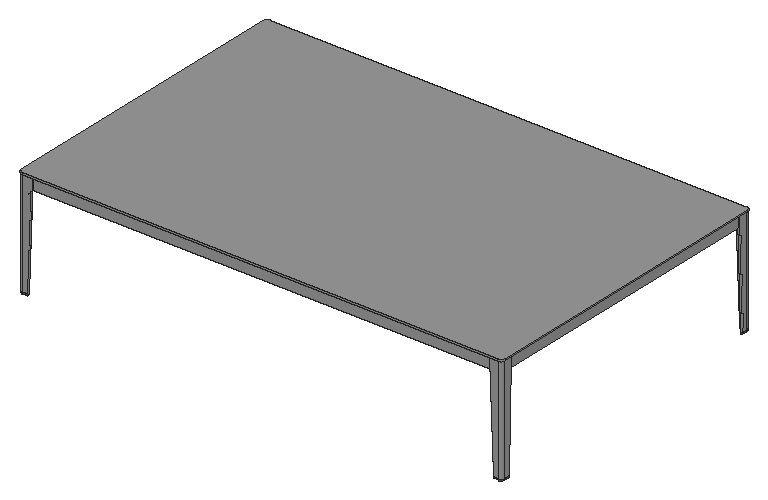
Revit family "Haworth_Cotone_OccasionalTable", category Furniture, Revit 2018
Family settings
  OmniClass Number = 23.40.70.14.64.21
  OmniClass Title = Systems Furniture
  Work Plane-Based = No
  Always vertical = Yes
  Cut with Voids When Loaded = No
  Shared = No
  Room Calculation Point = No
Parameters (values of type "55.1w x 35.4d x 12.4h")
  Width = if(Extra Small, 25.60", if(Small, 35.40", if(Large, 51.20", 55.10")))  # 55.10"
  Warranty = "http://www.haworth.com/resources/product-info/warranties"
  URL - Product = "https://www.haworth.com/na/en/products/collaborative-conference/cotone-tables.html"
  URL = "https://www.haworth.com/na/en/about/brands/haworth-collection.html"
  Top Finish [instance] = Haworth _ Laminate _ Undecided _ Tables
  Sustainability Info = "https://www.haworth.com/na/en/expertise/sustainability.html"
  Small = no
  Size = "Verify Final Dim. w/ Haworth"  # constant formula
  Revision Number = "1"  # constant formula
  Model = "Haworth - Cassina - Cotone"  # constant formula
  Medium = not(or(Low, High))  # no
  Manufacturer = "Haworth"  # constant formula
  Low = yes
  Large = not(or(Small, Extra Large, Extra Small))  # no
  High = no
  Glide Finish = Haworth _ Polymer _ Black
  Frame Finish [instance] = Haworth _ Metal _ Polished Aluminum
  Extra Small = no
  Extra Large = yes
  Description = "Haworth - Cassina - Cotone - Occasional Table"  # constant formula
  Depth = if(Extra Small, 13.80", if(Small, 35.40", if(Large, 13.80", 35.40")))  # 35.40"
  Custom Size = not(and(or(Depth = 13.80", Depth = 35.40"), or(Width = 35.40", Width = 55.10", Width = 25.60", Width = 25.60", Width = 51.20")))  # no
  Author = "Haworth (Abd Rahman)"  # constant formula
  Assembly Code = "E2020200"
  Actual Width = Width  # 55.10"
  Actual Height = if(Low, 12.40", if(Medium, 15.80", 23.70"))  # 12.40"
  Actual Depth = Depth  # 35.40"
  55.1w x 35.4d = and(Actual Width = 55.10", Actual Depth = 35.40")  # yes
  51.2w x 13.8d = and(Actual Width = 51.20", Actual Depth = 13.80")  # no
  35.4w x 35.4d = and(Actual Width = 35.40", Actual Depth = 35.40")  # no
  25.6w x 13.8d = and(Actual Width = 25.60", Actual Depth = 13.80")  # no
Types (5): name | Width | Small | Medium | Low | Large | High | Extra Small | Extra Large | Depth | Actual Width | Actual Height | Actual Depth | 55.1w x 35.4d | 51.2w x 13.8d | 35.4w x 35.4d | 25.6w x 13.8d
  55.1w x 35.4d x 12.4h | 55.10" | no | no | yes | no | no | no | yes | 35.40" | 55.10" | 12.40" | 35.40" | yes | no | no | no
  25.6w x 13.8d x 23.7h | 25.60" | no | no | no | no | yes | yes | no | 13.80" | 25.60" | 23.70" | 13.80" | no | no | no | yes
  35.4w x 35.4d x 12.4h | 35.40" | yes | no | yes | no | no | no | no | 35.40" | 35.40" | 12.40" | 35.40" | no | no | yes | no
  51.2w x 13.8d x 23.7h | 51.20" | no | no | no | yes | yes | no | no | 13.80" | 51.20" | 23.70" | 13.80" | no | yes | no | no
  25.6w x 13.8d x 15.8h | 25.60" | no | yes | no | no | no | yes | no | 13.80" | 25.60" | 15.80" | 13.80" | no | no | no | yes
Reference planes (in)
  plane 1: z = 0
  plane 2 "Center L/R": x = -6.11989
  plane 3 "Center F/B": y = -11.5
  plane 4 "Back": y = 6.2
  plane 5 "Front": y = -29.2
  plane 6 "Right": x = 21.43011
  plane 7 "Left": x = -33.66989
  plane 8: z = 12.4
  plane 9: z = 12.24252
  plane 10: z = 12.24252
Forms (in)
  Extrusion 1, solid, material "Haworth _ Laminate _ Undecided _ Tables" <- "Top Finish"
    sketch origin (0, 0, 0) x (1, 0, 0) y (0, 1, 0)
      loop
        arc (-33.16989, 6.2) -> (-33.52345, 6.05355) -> (-33.66989, 5.7) r 0.5
        line (-33.66989, 5.7) -> (-33.66989, -28.7)
        arc (-33.66989, -28.7) -> (-33.52345, -29.05355) -> (-33.16989, -29.2) r 0.5
        line (-33.16989, -29.2) -> (20.93011, -29.2)
        arc (20.93011, -29.2) -> (21.28366, -29.05355) -> (21.43011, -28.7) r 0.5
        line (21.43011, -28.7) -> (21.43011, 5.7)
        arc (21.43011, 5.7) -> (21.28366, 6.05355) -> (20.93011, 6.2) r 0.5
        line (20.93011, 6.2) -> (-33.16989, 6.2)
    from 12.24252 to 12.4
Lines and regions (in)
  Masking region 1
    outline origin (0, 0, 0) x (1, 0, 0) y (0, 1, 0)
      loop
        arc (-33.16989, 6.2) -> (-33.52345, 6.05355) -> (-33.66989, 5.7) r 0.5
        line (-33.66989, 5.7) -> (-33.66989, -28.7)
        arc (-33.66989, -28.7) -> (-33.52345, -29.05355) -> (-33.16989, -29.2) r 0.5
        line (-33.16989, -29.2) -> (20.93011, -29.2)
        arc (20.93011, -29.2) -> (21.28366, -29.05355) -> (21.43011, -28.7) r 0.5
        line (21.43011, -28.7) -> (21.43011, 5.7)
        arc (21.43011, 5.7) -> (21.28366, 6.05355) -> (20.93011, 6.2) r 0.5
        line (20.93011, 6.2) -> (-33.16989, 6.2)
Dimensions and locks (in)
  equal spacing: plane 7 "Left", plane 2 "Center L/R", plane 6 "Right"
  "Actual Width": plane 7 "Left" to plane 6 "Right"
  equal spacing: plane 4 "Back", plane 3 "Center F/B", plane 5 "Front"
  "Actual Depth": plane 4 "Back" to plane 5 "Front"
  "Actual Height": plane 8 to level
  locked: plane 8 to plane 9 at 0.15748
  aligned and locked: plane 3 "Center F/B" to nested 1
  aligned and locked: plane 2 "Center L/R" to nested 1
  aligned and locked: plane 5 "Front" to Extrusion 1 sketch curve
  aligned and locked: Extrusion 1 sketch curve to plane 6 "Right"
  aligned and locked: Extrusion 1 sketch curve to plane 4 "Back"
  aligned and locked: plane 7 "Left" to Extrusion 1 sketch curve
  aligned and locked: Extrusion 1 to plane 8
  aligned and locked: Extrusion 1 to plane 9
  aligned and locked: Masking region 1 sketch curve to plane 6 "Right"
  aligned and locked: plane 5 "Front" to Masking region 1 sketch curve
  aligned and locked: plane 7 "Left" to Masking region 1 sketch curve
  aligned and locked: Masking region 1 sketch curve to plane 4 "Back"
  aligned and locked: nested 1 to plane 10
Automatic sketch dimensions
  Extrusion 1 sketch curve to Extrusion 1 sketch curve = 0.50"
  plane 5 "Front" to Extrusion 1 sketch curve = 0.50"
  Extrusion 1 sketch curve to plane 6 "Right" = 0.50"  (x2)
  Masking region 1 sketch curve to Masking region 1 sketch curve = 0.50"  (x2)
  plane 5 "Front" to Masking region 1 sketch curve = 0.50"  (x2)
Nested families (in)
  nested 1: "Haworth_Cotone_Table_Occasional_Leg-PART" at (0, 0, 0.01969), Base Finish <- "Frame Finish", type "Leg - PART"
    with Base Finish Haworth _ Metal _ Polished Aluminum, Actual Width 55.10"
Definition of nested family "Haworth_Cotone_Table_Occasional_Leg-PART"
  Parameters (values of type "Leg - PART")
    Warranty = "http://www.haworth.com/resources/product-info/warranties"
    URL - Product = "https://www.haworth.com/na/en/products/collaborative-conference/cotone-tables.html"
    URL = "https://www.haworth.com/na/en/about/brands/haworth-collection.html"
    Sustainability Info = "https://www.haworth.com/na/en/expertise/sustainability.html"
    Size = "Verify Final Dim. w/ Haworth"  # constant formula
    Revision Number = "1"  # constant formula
    Model = "Haworth - Cassina - Cotone"  # constant formula
    Manufacturer = "Haworth"  # constant formula
    Glide Finish = none
    Description = "Haworth - Cassina - Cotone - Occasional Leg - PART"  # constant formula
    Base Finish [instance] = none
    Author = "Haworth (Abd Rahman)"  # constant formula
    Assembly Code = "E2020200"
    Actual Width = 35.40"
    Actual Height = 12.40"
    Actual Depth = 35.40"
  Reference planes (in)
    plane 1: z = 0
    plane 2 "Center L/R": x = -6.11989
    plane 3 "Center F/B": y = -11.5
    plane 4 "Back": y = 6.2
    plane 5 "Front": y = -29.2
    plane 6 "Right": x = 11.58011
    plane 7 "Left": x = -23.81989
    plane 8: z = 12.4
    plane 9: z = 0.15748
    plane 10: y = -27.76299
    plane 11: y = -29.10157
    plane 12: x = -23.72146
    plane 13: x = -22.38289
    plane 14: x = -22.77659
    plane 15: y = -28.15669
    plane 16: y = -28.15669
    plane 17: x = -22.77659
    plane 18: x = 10.5368
    plane 19: y = -28.15669
    plane 20: y = -28.15669
    plane 21: x = 10.5368
    plane 22: x = 11.48167
    plane 23: x = 10.1431
    plane 24: x = 10.5368
    plane 25: y = 5.15669
    plane 26: y = 5.15669
    plane 27: x = 10.5368
    plane 28: y = 4.76299
    plane 29: y = 6.10157
    plane 30: x = -22.77659
    plane 31: y = 5.15669
    plane 32: y = 5.15669
    plane 33: x = -22.77659
    plane 34: x = -23.52462
    plane 35: x = -21.53643
    plane 36: x = 11.28483
    plane 37: x = 9.29664
    plane 38: x = 10.1431
    plane 39: x = -22.38289
    plane 40: y = 3.91654
    plane 41: y = 5.90341
    plane 42: y = -26.91654
    plane 43: y = -28.90341
    plane 44: y = 4.8811
    plane 45: y = -27.8811
    plane 46: z = 12.24252
    plane 47: z = 11.65197
    plane 48: z = 10.86457
    plane 49: z = 12.22284
    plane 50: z = 10.27402
    plane 51: x = -23.18997
    plane 52: x = 10.95018
    plane 53: y = -28.57008
    plane 54: y = 5.57008
  Forms (in)
    Blend 1, solid, material <- "Base Finish"
      base sketch origin (0, 0, 0) x (1, 0, 0) y (0, 1, 0)
        loop
          line (-22.77659, -29.10157) -> (-22.77659, -28.90472) -> (-22.8573, -28.90472)
          arc (-22.8573, -28.90472) -> (-23.32916, -28.70927) -> (-23.52462, -28.2374) r 0.66732
          line (-23.52462, -28.2374) -> (-23.52462, -28.15669) -> (-23.72146, -28.15669) -> (-23.72146, -28.72343)
          arc (-23.72146, -28.72343) -> (-23.6107, -28.99081) -> (-23.34332, -29.10157) r 0.37814
          line (-23.34332, -29.10157) -> (-22.77659, -29.10157)
      top sketch origin (0, 0, 0) x (1, 0, 0) y (0, 1, 0)
        loop
          line (-23.72146, -27.76299) -> (-23.72146, -28.72343)
          arc (-23.72146, -28.72343) -> (-23.6107, -28.99081) -> (-23.34332, -29.10157) r 0.37814
          line (-23.34332, -29.10157) -> (-22.38289, -29.10157) -> (-22.38289, -28.90473) -> (-22.8573, -28.90472)
          arc (-22.8573, -28.90472) -> (-23.32916, -28.70927) -> (-23.52462, -28.2374) r 0.66732
          line (-23.52462, -28.2374) -> (-23.52462, -27.76299) -> (-23.72146, -27.76299)
      from 0.15748 to 12.24252
    Extrusion 2, solid, material <- "Glide Finish"
      sketch origin (0, 0, 0) x (1, 0, 0) y (0, 1, 0)
        loop
          line (-22.77659, -28.90472) -> (-22.8573, -28.90472)
          arc (-22.8573, -28.90472) -> (-23.32916, -28.70927) -> (-23.52462, -28.2374) r 0.66732
          line (-23.52462, -28.2374) -> (-23.52462, -28.15669) -> (-23.72146, -28.15669) -> (-23.72146, -28.72343)
          arc (-23.72146, -28.72343) -> (-23.6107, -28.99081) -> (-23.34332, -29.10157) r 0.37814
          line (-23.34332, -29.10157) -> (-22.77659, -29.10157) -> (-22.77659, -28.90472)
      from 0 to 0.15748
    Blend 3, solid, material <- "Base Finish"
      base sketch origin (-12.23979, 0, 0) x (-1, 0, 0) y (0, -1, 0)
        loop
          line (-22.77659, 29.10157) -> (-23.34332, 29.10157)
          arc (-23.34332, 29.10157) -> (-23.6107, 28.99081) -> (-23.72146, 28.72343) r 0.37814
          line (-23.72146, 28.72343) -> (-23.72146, 28.15669) -> (-23.52462, 28.15669) -> (-23.52462, 28.2374)
          arc (-23.52462, 28.2374) -> (-23.32916, 28.70927) -> (-22.8573, 28.90472) r 0.66732
          line (-22.8573, 28.90472) -> (-22.77659, 28.90472) -> (-22.77659, 29.10157)
      top sketch origin (-12.23979, 0, 0) x (-1, 0, 0) y (0, -1, 0)
        loop
          line (-23.72146, 27.76299) -> (-23.52462, 27.76299) -> (-23.52462, 28.2374)
          arc (-23.52462, 28.2374) -> (-23.32916, 28.70927) -> (-22.8573, 28.90472) r 0.66732
          line (-22.8573, 28.90472) -> (-22.38289, 28.90473) -> (-22.38289, 29.10157) -> (-23.34332, 29.10157)
          arc (-23.34332, 29.10157) -> (-23.6107, 28.99081) -> (-23.72146, 28.72343) r 0.37814
          line (-23.72146, 28.72343) -> (-23.72146, 27.76299)
      from 0.15748 to 12.24252
    Extrusion 4, solid, material <- "Glide Finish"
      sketch origin (-12.23979, 0, 0) x (-1, 0, 0) y (0, -1, 0)
        loop
          line (-22.77659, 28.90472) -> (-22.77659, 29.10157) -> (-23.34332, 29.10157)
          arc (-23.34332, 29.10157) -> (-23.6107, 28.99081) -> (-23.72146, 28.72343) r 0.37814
          line (-23.72146, 28.72343) -> (-23.72146, 28.15669) -> (-23.52462, 28.15669) -> (-23.52462, 28.2374)
          arc (-23.52462, 28.2374) -> (-23.32916, 28.70927) -> (-22.8573, 28.90472) r 0.66732
          line (-22.8573, 28.90472) -> (-22.77659, 28.90472)
      from 0 to 0.15748
    Blend 5, solid, material <- "Base Finish"
      base sketch origin (-12.23979, -23, 0) x (-1, 0, 0) y (0, -1, 0)
        loop
          line (-22.77659, -29.10157) -> (-22.77659, -28.90472) -> (-22.8573, -28.90472)
          arc (-22.8573, -28.90472) -> (-23.32916, -28.70927) -> (-23.52462, -28.2374) r 0.66732
          line (-23.52462, -28.2374) -> (-23.52462, -28.15669) -> (-23.72146, -28.15669) -> (-23.72146, -28.72343)
          arc (-23.72146, -28.72343) -> (-23.6107, -28.99081) -> (-23.34332, -29.10157) r 0.37814
          line (-23.34332, -29.10157) -> (-22.77659, -29.10157)
      top sketch origin (-12.23979, -23, 0) x (-1, 0, 0) y (0, -1, 0)
        loop
          line (-23.72146, -27.76299) -> (-23.72146, -28.72343)
          arc (-23.72146, -28.72343) -> (-23.6107, -28.99081) -> (-23.34332, -29.10157) r 0.37814
          line (-23.34332, -29.10157) -> (-22.38289, -29.10157) -> (-22.38289, -28.90473) -> (-22.8573, -28.90472)
          arc (-22.8573, -28.90472) -> (-23.32916, -28.70927) -> (-23.52462, -28.2374) r 0.66732
          line (-23.52462, -28.2374) -> (-23.52462, -27.76299) -> (-23.72146, -27.76299)
      from 0.15748 to 12.24252
    Extrusion 6, solid, material <- "Glide Finish"
      sketch origin (-12.23979, -23, 0) x (-1, 0, 0) y (0, -1, 0)
        loop
          line (-22.77659, -28.90472) -> (-22.8573, -28.90472)
          arc (-22.8573, -28.90472) -> (-23.32916, -28.70927) -> (-23.52462, -28.2374) r 0.66732
          line (-23.52462, -28.2374) -> (-23.52462, -28.15669) -> (-23.72146, -28.15669) -> (-23.72146, -28.72343)
          arc (-23.72146, -28.72343) -> (-23.6107, -28.99081) -> (-23.34332, -29.10157) r 0.37814
          line (-23.34332, -29.10157) -> (-22.77659, -29.10157) -> (-22.77659, -28.90472)
      from 0 to 0.15748
    Blend 7, solid, material <- "Base Finish"
      base sketch origin (0, -23, 0) x (1, 0, 0) y (0, 1, 0)
        loop
          line (-22.77659, 29.10157) -> (-23.34332, 29.10157)
          arc (-23.34332, 29.10157) -> (-23.6107, 28.99081) -> (-23.72146, 28.72343) r 0.37814
          line (-23.72146, 28.72343) -> (-23.72146, 28.15669) -> (-23.52462, 28.15669) -> (-23.52462, 28.2374)
          arc (-23.52462, 28.2374) -> (-23.32916, 28.70927) -> (-22.8573, 28.90472) r 0.66732
          line (-22.8573, 28.90472) -> (-22.77659, 28.90472) -> (-22.77659, 29.10157)
      top sketch origin (0, -23, 0) x (1, 0, 0) y (0, 1, 0)
        loop
          line (-23.72146, 27.76299) -> (-23.52462, 27.76299) -> (-23.52462, 28.2374)
          arc (-23.52462, 28.2374) -> (-23.32916, 28.70927) -> (-22.8573, 28.90472) r 0.66732
          line (-22.8573, 28.90472) -> (-22.38289, 28.90473) -> (-22.38289, 29.10157) -> (-23.34332, 29.10157)
          arc (-23.34332, 29.10157) -> (-23.6107, 28.99081) -> (-23.72146, 28.72343) r 0.37814
          line (-23.72146, 28.72343) -> (-23.72146, 27.76299)
      from 0.15748 to 12.24252
    Extrusion 8, solid, material <- "Glide Finish"
      sketch origin (0, -23, 0) x (1, 0, 0) y (0, 1, 0)
        loop
          line (-22.77659, 28.90472) -> (-22.77659, 29.10157) -> (-23.34332, 29.10157)
          arc (-23.34332, 29.10157) -> (-23.6107, 28.99081) -> (-23.72146, 28.72343) r 0.37814
          line (-23.72146, 28.72343) -> (-23.72146, 28.15669) -> (-23.52462, 28.15669) -> (-23.52462, 28.2374)
          arc (-23.52462, 28.2374) -> (-23.32916, 28.70927) -> (-22.8573, 28.90472) r 0.66732
          line (-22.8573, 28.90472) -> (-22.77659, 28.90472)
      from 0 to 0.15748
    Extrusion 9, solid, material <- "Base Finish"
      sketch origin (0, 0, 0) x (1, 0, 0) y (0, 1, 0)
        loop
          line (-23.52462, -27.8811) -> (-23.2884, -27.8811) -> (-23.2884, -28.25092) -> (-22.87081, -28.66747) -> (-22.501, -28.66747) -> (-22.501, -28.90342) -> (10.26121, -28.90322) -> (10.26121, -28.66747) -> (10.63103, -28.66747) -> (11.04861, -28.25092) -> (11.04861, -27.8811) -> (11.28483, -27.8811) -> (11.28483, 4.8811) -> (11.04861, 4.8811) -> (11.04861, 5.25092) -> (10.63103, 5.66747) -> (10.26121, 5.66747) -> (10.26121, 5.90322) -> (-22.501, 5.90342) -> (-22.501, 5.66747) -> (-22.87081, 5.66747) -> (-23.2884, 5.25092) -> (-23.2884, 4.8811) -> (-23.52462, 4.8811) -> (-23.52462, -27.8811)
        loop
          line (10.55648, -28.56905) -> (10.95018, -28.17638) -> (10.95018, 5.17638) -> (10.55648, 5.56905) -> (-22.79627, 5.56905) -> (-23.18997, 5.17638) -> (-23.18997, -28.17638) -> (-22.79627, -28.56905) -> (10.55648, -28.56905)
      from 10.86457 to 12.22284
    Extrusion 10, solid, material <- "Base Finish"
      sketch origin (0, 0, 0) x (1, 0, 0) y (0, 1, 0)
        loop
          line (-23.18997, -28.17638) -> (-22.79627, -28.57008) -> (10.55648, -28.57008) -> (10.95018, -28.17638) -> (10.95018, 5.17638) -> (10.55648, 5.57008) -> (-22.79627, 5.57008) -> (-23.18997, 5.17638) -> (-23.18997, -28.17638)
      from 10.86457 to 11.65197
    Blend 11, solid, material <- "Glide Finish"
      base sketch origin (0, 0, 0) x (1, 0, 0) y (0, 1, 0)
        loop
          line (-23.52462, -28.18951) -> (-23.52462, -28.2374)
          arc (-23.52462, -28.2374) -> (-23.32916, -28.70927) -> (-22.8573, -28.90472) r 0.66732
          line (-22.8573, -28.90472) -> (-22.8094, -28.90472) -> (-22.8094, -28.6685) -> (-22.87081, -28.6685) -> (-23.2884, -28.25092) -> (-23.2884, -28.18951) -> (-23.52462, -28.18951)
      top sketch origin (0, 0, 0) x (1, 0, 0) y (0, 1, 0)
        loop
          line (-22.87081, -28.6685) -> (-23.2884, -28.25092) -> (-23.2884, -27.8811) -> (-23.52462, -27.8811) -> (-23.52462, -28.2374)
          arc (-23.52462, -28.2374) -> (-23.32916, -28.70927) -> (-22.8573, -28.90472) r 0.66732
          line (-22.8573, -28.90472) -> (-22.501, -28.90472) -> (-22.501, -28.6685) -> (-22.87081, -28.6685)
      from 10.27402 to 10.86457
    Blend 12, solid, material <- "Glide Finish"
      base sketch origin (-12.23979, 0, 0) x (-1, 0, 0) y (0, -1, 0)
        loop
          line (-23.52462, 28.18951) -> (-23.2884, 28.18951) -> (-23.2884, 28.25092) -> (-22.87081, 28.6685) -> (-22.8094, 28.6685) -> (-22.8094, 28.90472) -> (-22.8573, 28.90472)
          arc (-22.8573, 28.90472) -> (-23.32916, 28.70927) -> (-23.52462, 28.2374) r 0.66732
          line (-23.52462, 28.2374) -> (-23.52462, 28.18951)
      top sketch origin (-12.23979, 0, 0) x (-1, 0, 0) y (0, -1, 0)
        loop
          line (-22.87081, 28.6685) -> (-22.501, 28.6685) -> (-22.501, 28.90472) -> (-22.8573, 28.90472)
          arc (-22.8573, 28.90472) -> (-23.32916, 28.70927) -> (-23.52462, 28.2374) r 0.66732
          line (-23.52462, 28.2374) -> (-23.52462, 27.8811) -> (-23.2884, 27.8811) -> (-23.2884, 28.25092) -> (-22.87081, 28.6685)
      from 10.27402 to 10.86457
    Blend 13, solid, material <- "Glide Finish"
      base sketch origin (0, -23, 0) x (1, 0, 0) y (0, 1, 0)
        loop
          line (-23.52462, 28.18951) -> (-23.2884, 28.18951) -> (-23.2884, 28.25092) -> (-22.87081, 28.6685) -> (-22.8094, 28.6685) -> (-22.8094, 28.90472) -> (-22.8573, 28.90472)
          arc (-22.8573, 28.90472) -> (-23.32916, 28.70927) -> (-23.52462, 28.2374) r 0.66732
          line (-23.52462, 28.2374) -> (-23.52462, 28.18951)
      top sketch origin (0, -23, 0) x (1, 0, 0) y (0, 1, 0)
        loop
          line (-22.87081, 28.6685) -> (-22.501, 28.6685) -> (-22.501, 28.90472) -> (-22.8573, 28.90472)
          arc (-22.8573, 28.90472) -> (-23.32916, 28.70927) -> (-23.52462, 28.2374) r 0.66732
          line (-23.52462, 28.2374) -> (-23.52462, 27.8811) -> (-23.2884, 27.8811) -> (-23.2884, 28.25092) -> (-22.87081, 28.6685)
      from 10.27402 to 10.86457
    Blend 14, solid, material <- "Glide Finish"
      base sketch origin (-12.23979, -23, 0) x (-1, 0, 0) y (0, -1, 0)
        loop
          line (-23.52462, -28.18951) -> (-23.52462, -28.2374)
          arc (-23.52462, -28.2374) -> (-23.32916, -28.70927) -> (-22.8573, -28.90472) r 0.66732
          line (-22.8573, -28.90472) -> (-22.8094, -28.90472) -> (-22.8094, -28.6685) -> (-22.87081, -28.6685) -> (-23.2884, -28.25092) -> (-23.2884, -28.18951) -> (-23.52462, -28.18951)
      top sketch origin (-12.23979, -23, 0) x (-1, 0, 0) y (0, -1, 0)
        loop
          line (-22.87081, -28.6685) -> (-23.2884, -28.25092) -> (-23.2884, -27.8811) -> (-23.52462, -27.8811) -> (-23.52462, -28.2374)
          arc (-23.52462, -28.2374) -> (-23.32916, -28.70927) -> (-22.8573, -28.90472) r 0.66732
          line (-22.8573, -28.90472) -> (-22.501, -28.90472) -> (-22.501, -28.6685) -> (-22.87081, -28.6685)
      from 10.27402 to 10.86457
  Lines and regions (in)
    Masking region 1
      outline origin (0, 0, 0) x (1, 0, 0) y (0, 1, 0)
        loop
          line (-23.81989, 6.2) -> (-23.81989, -29.2) -> (11.58011, -29.2) -> (11.58011, 6.2) -> (-23.81989, 6.2)
  Dimensions and locks (in)
    equal spacing: plane 7 "Left", plane 2 "Center L/R", plane 6 "Right"
    "Actual Width": plane 7 "Left" to plane 6 "Right"
    equal spacing: plane 4 "Back", plane 3 "Center F/B", plane 5 "Front"
    "Actual Depth": plane 4 "Back" to plane 5 "Front"
    "Actual Height": plane 8 to level
    locked: plane 9 to level at 0.15748
    locked: plane 14 to plane 13 at 0.3937
    locked: plane 10 to plane 15 at 0.3937
    locked: plane 17 to plane 13 at 0.3937
    locked: plane 10 to plane 16 at 0.3937
    plane 7 "Left" to plane 12 to plane 13 = 0.09843" locked, 1.33857" locked
    plane 5 "Front" to plane 11 to plane 10 = 0.09843" locked, 1.33858" locked
    locked: plane 19 to plane 10 at 0.3937
    locked: plane 23 to plane 18 at 0.3937
    locked: plane 10 to plane 20 at 0.3937
    locked: plane 23 to plane 21 at 0.3937
    locked: plane 23 to plane 24 at 0.3937
    locked: plane 28 to plane 25 at 0.3937
    locked: plane 23 to plane 27 at 0.3937
    locked: plane 28 to plane 26 at 0.3937
    locked: plane 30 to plane 13 at 0.3937
    locked: plane 28 to plane 31 at 0.3937
    locked: plane 33 to plane 13 at 0.3937
    locked: plane 28 to plane 32 at 0.3937
    plane 37 to plane 38 to plane 36 to plane 6 "Right" = 0.84646" locked, 1.14173" locked, 0.29528" locked
    plane 7 "Left" to plane 34 to plane 39 to plane 35 = 0.29528" locked, 1.14173" locked, 0.84646" locked
    plane 40 to plane 44 to plane 41 to plane 4 "Back" = 0.96457" locked, 1.02209" locked, 0.29681" locked
    plane 42 to plane 45 to plane 43 to plane 5 "Front" = 0.96457" locked, 1.02209" locked, 0.29681" locked
    plane 4 "Back" to plane 29 to plane 28 = 0.09843" locked, 1.33858" locked
    plane 23 to plane 22 to plane 6 "Right" = 1.33857" locked, 0.09843" locked
    plane 8 to plane 46 to plane 49 to plane 47 to plane 48 to plane 50 = 0.15748" locked, 0.01969" locked, 0.57087" locked, 0.7874" locked, 0.59055" locked
    locked: plane 4 "Back" to plane 54 at 0.62992
    locked: plane 52 to plane 6 "Right" at 0.62992
    locked: plane 7 "Left" to plane 51 at 0.62992
    locked: plane 5 "Front" to plane 53 at 0.62992
    aligned and locked: Blend 1 sketch curve to plane 11  (x2)
    aligned and locked: plane 14 to Blend 1 sketch curve
    aligned and locked: plane 15 to Blend 1 sketch curve
    aligned and locked: Blend 1 sketch curve to plane 12  (x2)
    aligned and locked: plane 10 to Blend 1 sketch curve
    aligned and locked: plane 13 to Blend 1 sketch curve
    aligned and locked: Extrusion 2 sketch curve to plane 16
    aligned and locked: plane 12 to Extrusion 2 sketch curve
    aligned and locked: plane 11 to Extrusion 2 sketch curve
    aligned and locked: plane 17 to Extrusion 2 sketch curve
    aligned and locked: Blend 3 sketch curve to plane 18
    aligned and locked: Blend 3 sketch curve to plane 19
    aligned and locked: Extrusion 4 sketch curve to plane 20
    aligned and locked: Extrusion 4 sketch curve to plane 21
    aligned and locked: plane 11 to Blend 3 sketch curve  (x2)
    aligned and locked: plane 22 to Blend 3 sketch curve  (x2)
    aligned and locked: Blend 3 sketch curve to plane 10
    aligned and locked: Blend 3 sketch curve to plane 23
    aligned and locked: Extrusion 4 sketch curve to plane 22
    aligned and locked: Extrusion 4 sketch curve to plane 11
    aligned and locked: plane 24 to Blend 5 sketch curve
    aligned and locked: plane 25 to Blend 5 sketch curve
    aligned and locked: Extrusion 6 sketch curve to plane 26
    aligned and locked: plane 27 to Extrusion 6 sketch curve
    aligned and locked: Blend 5 sketch curve to plane 29  (x2)
    aligned and locked: Blend 5 sketch curve to plane 22  (x2)
    aligned and locked: plane 23 to Blend 5 sketch curve
    aligned and locked: plane 28 to Blend 5 sketch curve
    aligned and locked: plane 29 to Extrusion 6 sketch curve
    aligned and locked: plane 22 to Extrusion 6 sketch curve
    aligned and locked: Blend 7 sketch curve to plane 30
    aligned and locked: Blend 7 sketch curve to plane 31
    aligned and locked: Extrusion 8 sketch curve to plane 32
    aligned and locked: Extrusion 8 sketch curve to plane 33
    aligned and locked: plane 29 to Blend 7 sketch curve  (x2)
    aligned and locked: plane 12 to Blend 7 sketch curve  (x2)
    aligned and locked: Blend 7 sketch curve to plane 13
    aligned and locked: Blend 7 sketch curve to plane 28
    aligned and locked: Extrusion 8 sketch curve to plane 29
    aligned and locked: Extrusion 8 sketch curve to plane 12
    aligned and locked: Extrusion 9 sketch curve to plane 36
    aligned and locked: Extrusion 9 sketch curve to plane 34
    aligned and locked: Extrusion 9 sketch curve to plane 45  (x2)
    aligned and locked: plane 9 to Extrusion 2
    aligned and locked: plane 9 to Extrusion 8
    aligned and locked: Extrusion 8 to level
    aligned and locked: Extrusion 2 to level
    aligned and locked: Blend 1 to plane 9
    aligned and locked: plane 9 to Extrusion 6
    aligned and locked: Extrusion 6 to level
    aligned and locked: plane 9 to Extrusion 4
    aligned and locked: Extrusion 4 to level
    aligned and locked: Blend 3 to plane 9
    aligned and locked: Blend 5 to plane 9
    aligned and locked: plane 49 to Extrusion 9
    aligned and locked: plane 47 to Extrusion 10
    aligned and locked: Extrusion 10 to plane 48
    aligned and locked: Extrusion 9 to plane 48
    aligned and locked: Blend 7 to plane 46
    aligned and locked: Blend 1 to plane 46
    aligned and locked: Blend 5 to plane 46
    aligned and locked: Blend 3 to plane 46
    aligned and locked: plane 43 to Extrusion 9 sketch curve
    aligned and locked: plane 41 to Extrusion 9 sketch curve
    aligned and locked: plane 50 to Blend 11
    aligned and locked: plane 48 to Blend 11
    aligned and locked: plane 52 to Extrusion 10 sketch curve
    aligned and locked: Extrusion 10 sketch curve to plane 54
    aligned and locked: Extrusion 10 sketch curve to plane 51
    aligned and locked: Extrusion 10 sketch curve to plane 53
    aligned and locked: plane 48 to Blend 13
    aligned and locked: plane 50 to Blend 13
    aligned and locked: plane 48 to Blend 12
    aligned and locked: plane 50 to Blend 12
    aligned and locked: plane 48 to Blend 14
    aligned and locked: plane 50 to Blend 14
    aligned and locked: Masking region 1 sketch curve to plane 6 "Right"
    aligned and locked: plane 5 "Front" to Masking region 1 sketch curve
    aligned and locked: plane 7 "Left" to Masking region 1 sketch curve
    aligned and locked: Masking region 1 sketch curve to plane 4 "Back"
  Automatic sketch dimensions
    Blend 1 sketch curve to plane 12 = 0.19684"  (x2)
    Blend 1 sketch curve to plane 12 = 0.37814"  (x2)
    plane 14 to Blend 1 sketch curve = 0.08071"  (x2)
    Blend 1 sketch curve to plane 11 = 0.19685"  (x2)
    Blend 1 sketch curve to Blend 1 sketch curve = 0.00"
    plane 13 to Blend 1 sketch curve = 0.47441"
    plane 10 to Blend 1 sketch curve = 0.47441"
    Blend 1 sketch curve to plane 11 = 0.19684"
    Extrusion 2 sketch curve to plane 12 = 0.19684"
    Extrusion 2 sketch curve to plane 11 = 0.37814"
    plane 17 to Extrusion 2 sketch curve = 0.08071"  (x2)
    Extrusion 2 sketch curve to plane 11 = 0.19685"
    Extrusion 2 sketch curve to Extrusion 2 sketch curve = 0.00"
    Blend 3 sketch curve to Blend 3 sketch curve = 0.19684"
    plane 22 to Blend 3 sketch curve = 0.37814"  (x2)
    Blend 3 sketch curve to plane 18 = 0.08071"  (x2)
    plane 11 to Blend 3 sketch curve = 0.19685"  (x2)
    Blend 3 sketch curve to Blend 3 sketch curve = 0.00"
    plane 22 to Blend 3 sketch curve = 0.19684"
    Blend 3 sketch curve to plane 23 = 0.47441"
    Blend 3 sketch curve to plane 10 = 0.47441"
    plane 11 to Blend 3 sketch curve = 0.19684"
    Extrusion 4 sketch curve to Extrusion 4 sketch curve = 0.19684"
    plane 11 to Extrusion 4 sketch curve = 0.37814"
    Extrusion 4 sketch curve to plane 21 = 0.08071"  (x2)
    plane 11 to Extrusion 4 sketch curve = 0.19685"
    Extrusion 4 sketch curve to Extrusion 4 sketch curve = 0.00"
    Blend 5 sketch curve to plane 22 = 0.19684"  (x2)
    Blend 5 sketch curve to plane 22 = 0.37814"  (x2)
    plane 24 to Blend 5 sketch curve = 0.08071"  (x2)
    Blend 5 sketch curve to Blend 5 sketch curve = 0.19685"
    Blend 5 sketch curve to Blend 5 sketch curve = 0.00"
    Blend 5 sketch curve to plane 29 = 0.19685"
    plane 23 to Blend 5 sketch curve = 0.47441"
    plane 28 to Blend 5 sketch curve = 0.47441"
    Blend 5 sketch curve to Blend 5 sketch curve = 0.19684"
    Extrusion 6 sketch curve to plane 22 = 0.19684"
    Extrusion 6 sketch curve to plane 22 = 0.37814"
    plane 27 to Extrusion 6 sketch curve = 0.08071"  (x2)
    Extrusion 6 sketch curve to Extrusion 6 sketch curve = 0.19685"
    Extrusion 6 sketch curve to Extrusion 6 sketch curve = 0.00"
    plane 12 to Blend 7 sketch curve = 0.19684"  (x2)
    plane 12 to Blend 7 sketch curve = 0.37814"  (x2)
    Blend 7 sketch curve to plane 30 = 0.08071"  (x2)
    plane 29 to Blend 7 sketch curve = 0.19685"  (x2)
    Blend 7 sketch curve to Blend 7 sketch curve = 0.00"
    Blend 7 sketch curve to plane 13 = 0.47441"
    Blend 7 sketch curve to plane 28 = 0.47441"
    plane 29 to Blend 7 sketch curve = 0.19684"
    plane 12 to Extrusion 8 sketch curve = 0.19684"
    plane 12 to Extrusion 8 sketch curve = 0.37814"
    Extrusion 8 sketch curve to plane 33 = 0.08071"  (x2)
    plane 29 to Extrusion 8 sketch curve = 0.19685"
    Extrusion 8 sketch curve to Extrusion 8 sketch curve = 0.00"
    plane 44 to Extrusion 9 sketch curve = 0.00"  (x2)
    Extrusion 9 sketch curve to plane 34 = 0.23622"  (x2)
    Extrusion 9 sketch curve to Extrusion 9 sketch curve = 0.09843"  (x3)
    plane 13 to Extrusion 9 sketch curve = 0.48793"  (x2)
    Extrusion 9 sketch curve to Extrusion 9 sketch curve = 0.07454"  (x8)
    plane 13 to Extrusion 9 sketch curve = 0.11811"  (x2)
    plane 23 to Extrusion 9 sketch curve = 0.11811"  (x2)
    Extrusion 9 sketch curve to Extrusion 9 sketch curve = 0.29527"  (x2)
    Extrusion 9 sketch curve to plane 36 = 0.33465"
    Extrusion 9 sketch curve to Extrusion 9 sketch curve = 0.09842"  (x2)
    Extrusion 9 sketch curve to Extrusion 9 sketch curve = 0.23622"
    plane 43 to Extrusion 9 sketch curve = 0.23595"
    plane 43 to Extrusion 9 sketch curve = 0.23575"
    plane 45 to Extrusion 9 sketch curve = 0.36982"
    Extrusion 9 sketch curve to Extrusion 9 sketch curve = 0.36982"
    Extrusion 9 sketch curve to plane 44 = 0.29528"  (x2)
    plane 41 to Extrusion 9 sketch curve = 0.33438"
    Extrusion 10 sketch curve to plane 51 = 0.3937"  (x2)
    plane 52 to Extrusion 10 sketch curve = 0.3937"  (x2)
    Extrusion 10 sketch curve to plane 53 = 0.3937"  (x2)
    Extrusion 10 sketch curve to plane 54 = 0.3937"  (x2)
    Blend 11 sketch curve to plane 12 = 0.19684"  (x2)
    Blend 11 sketch curve to Blend 11 sketch curve = 0.23622"  (x4)
    plane 13 to Blend 11 sketch curve = 0.48793"  (x2)
    Blend 11 sketch curve to Blend 11 sketch curve = 0.01352"  (x4)
    Blend 11 sketch curve to Blend 11 sketch curve = 0.4311"  (x2)
    Blend 11 sketch curve to Blend 11 sketch curve = 0.06141"  (x2)
    Blend 11 sketch curve to plane 11 = 0.19685"  (x2)
    Blend 11 sketch curve to Blend 11 sketch curve = 0.00"
    plane 13 to Blend 11 sketch curve = 0.11811"
    Blend 11 sketch curve to plane 11 = 0.19684"
    plane 10 to Blend 11 sketch curve = 0.11811"
    plane 22 to Blend 12 sketch curve = 0.19684"  (x2)
    Blend 12 sketch curve to Blend 12 sketch curve = 0.23622"  (x4)
    Blend 12 sketch curve to plane 23 = 0.48793"  (x2)
    Blend 12 sketch curve to Blend 12 sketch curve = 0.01352"  (x4)
    Blend 12 sketch curve to Blend 12 sketch curve = 0.4311"  (x2)
    Blend 12 sketch curve to Blend 12 sketch curve = 0.06141"  (x2)
    plane 11 to Blend 12 sketch curve = 0.19685"  (x2)
    Blend 12 sketch curve to Blend 12 sketch curve = 0.00"
    Blend 12 sketch curve to plane 23 = 0.11811"
    plane 11 to Blend 12 sketch curve = 0.19684"
    Blend 12 sketch curve to plane 10 = 0.11811"
    plane 12 to Blend 13 sketch curve = 0.19684"  (x2)
    Blend 13 sketch curve to Blend 13 sketch curve = 0.23622"  (x4)
    Blend 13 sketch curve to plane 13 = 0.48793"  (x2)
    Blend 13 sketch curve to Blend 13 sketch curve = 0.01352"  (x4)
    Blend 13 sketch curve to Blend 13 sketch curve = 0.4311"  (x2)
    Blend 13 sketch curve to Blend 13 sketch curve = 0.06141"  (x2)
    plane 29 to Blend 13 sketch curve = 0.19685"  (x2)
    Blend 13 sketch curve to Blend 13 sketch curve = 0.00"
    Blend 13 sketch curve to plane 13 = 0.11811"
    plane 29 to Blend 13 sketch curve = 0.19684"
    Blend 13 sketch curve to plane 28 = 0.11811"
    Blend 14 sketch curve to plane 22 = 0.19684"  (x2)
    Blend 14 sketch curve to Blend 14 sketch curve = 0.23622"  (x4)
    plane 23 to Blend 14 sketch curve = 0.48793"  (x2)
    Blend 14 sketch curve to Blend 14 sketch curve = 0.01352"  (x4)
    Blend 14 sketch curve to Blend 14 sketch curve = 0.4311"  (x2)
    Blend 14 sketch curve to Blend 14 sketch curve = 0.06141"  (x2)
    Blend 14 sketch curve to plane 29 = 0.19685"  (x2)
    Blend 14 sketch curve to Blend 14 sketch curve = 0.00"
    plane 23 to Blend 14 sketch curve = 0.11811"
    Blend 14 sketch curve to plane 29 = 0.19684"
    plane 28 to Blend 14 sketch curve = 0.11811"
